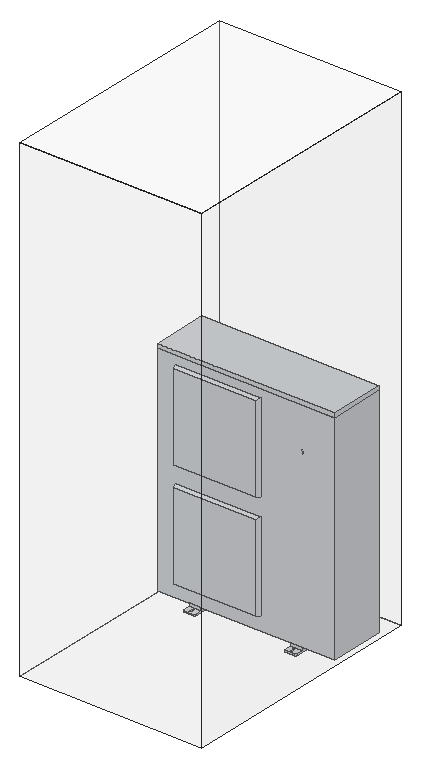
Revit family "pusy-hp80_160mh4_50hz", category 機械設備, Revit 2019 (continued)
Definition of nested family "PUZ-ZRMP-3"
  Dimensions and locks
    aligned and locked: Blend 4 sketch curve to plane 40
    aligned and locked: Blend 4 sketch curve to plane 46
    aligned and locked: Blend 4 sketch curve to plane 44
    aligned and locked: Blend 4 sketch curve to plane 45
    aligned and locked: Blend 4 sketch curve to plane 47
    aligned and locked: Blend 4 to plane 8
    aligned and locked: plane 37 to Blend 4
    aligned and locked: curve 17 to plane 48
    aligned and locked: curve 1 to plane 48
    aligned and locked: plane 48 to curve 19
    aligned and locked: curve 18 to plane 49
    aligned and locked: plane 49 to curve 2
    aligned and locked: plane 49 to curve 20
    aligned and locked: Blend 5 sketch curve to plane 63
    aligned and locked: Blend 5 sketch curve to plane 64
    aligned and locked: Blend 5 sketch curve to plane 41
    aligned and locked: Blend 5 sketch curve to plane 40
    aligned and locked: plane 44 to Blend 5 sketch curve
    aligned and locked: Blend 5 sketch curve to plane 45
    aligned and locked: Blend 5 sketch curve to plane 65
    aligned and locked: plane 66 to Blend 5 sketch curve
    aligned and locked: Blend 5 to plane 8
    aligned and locked: plane 37 to Blend 5
    aligned and locked: plane 22 to Extrusion 6 sketch curve
    aligned and locked: plane 21 to Extrusion 6 sketch curve
    aligned and locked: Extrusion 6 sketch curve to Extrusion 1  (x4)
    aligned and locked: Extrusion 6 sketch curve to plane 20
    aligned and locked: plane 23 to Extrusion 6
    aligned and locked: Extrusion 6 to level
    aligned and locked: plane 24 to Extrusion 7
    aligned and locked: Extrusion 7 to plane 25
    aligned and locked: Masking region 1 sketch curve to Extrusion 3  (x4)
    aligned and locked: Masking region 1 sketch curve to cut or joined group of Extrusion 1, Extrusion 6  (x8)
    aligned and locked: Masking region 1 sketch curve to Blend 5  (x3)
    aligned and locked: plane 50 to Extrusion 7 sketch curve
    aligned and locked: plane 51 to Extrusion 7 sketch curve
    aligned and locked: plane 68 to Extrusion 7 sketch curve
    aligned and locked: plane 69 to Extrusion 7 sketch curve
    aligned and locked: plane 70 to Extrusion 7 sketch curve
    aligned and locked: plane 71 to Extrusion 7 sketch curve
    aligned and locked: plane 67 to Extrusion 7 sketch curve  (x4)
  Automatic sketch dimensions
    plane 7 to Extrusion 1 sketch curve = 0 mm  (x2)
    Extrusion 1 sketch curve to plane 18 = 0 mm
    plane 8 to Extrusion 1 sketch curve = 0 mm  (x2)
    Extrusion 1 sketch curve to plane 19 = 0 mm
    Extrusion 1 sketch curve to plane 20 = 0 mm
    Extrusion 1 sketch curve to plane 21 = 0 mm
    curve 187 to curve 188 = 40 mm
    curve 186 to curve 190 = 13.333 mm
    curve 190 to curve 190 = 40 mm
    curve 186 to curve 193 = 0 mm
    curve 186 to curve 188 = 40 mm
    curve 188 to curve 191 = 0 mm
    curve 179 to curve 180 = 40 mm
    curve 178 to curve 182 = 120 mm
    curve 182 to curve 182 = 40 mm
    curve 178 to curve 185 = 0 mm
    curve 178 to curve 180 = 40 mm
    curve 182 to curve 183 = 40 mm
    curve 25 to plane 44 = 0 mm
    curve 24 to plane 44 = 0 mm
    curve 22 to plane 44 = 0 mm
    curve 23 to plane 44 = 0 mm
    curve 26 to plane 44 = 0 mm
    curve 21 to plane 44 = 0 mm
    curve 24 to plane 45 = 0 mm
    curve 25 to plane 45 = 0 mm
    curve 26 to plane 45 = 0 mm
    curve 23 to plane 45 = 0 mm
    curve 22 to plane 45 = 0 mm
    curve 21 to plane 45 = 0 mm
    curve 37 to plane 47 = 0 mm
    curve 52 to plane 47 = 0 mm
    curve 51 to plane 47 = 0 mm
    curve 50 to plane 47 = 0 mm
    curve 49 to plane 47 = 0 mm
    curve 48 to plane 47 = 0 mm
    curve 47 to plane 47 = 0 mm
    curve 46 to plane 47 = 0 mm
    curve 45 to plane 47 = 0 mm
    curve 44 to plane 47 = 0 mm
    curve 43 to plane 47 = 0 mm
    curve 42 to plane 47 = 0 mm
    curve 41 to plane 47 = 0 mm
    curve 27 to plane 47 = 0 mm
    curve 28 to plane 47 = 0 mm
    curve 40 to plane 47 = 0 mm
    curve 39 to plane 47 = 0 mm
    curve 29 to plane 47 = 0 mm
    curve 38 to plane 47 = 0 mm
    curve 30 to plane 47 = 0 mm
    curve 53 to plane 47 = 0 mm
    curve 31 to plane 47 = 0 mm
    curve 36 to plane 47 = 0 mm
    curve 32 to plane 47 = 0 mm
    curve 35 to plane 47 = 0 mm
    curve 33 to plane 47 = 0 mm
    curve 34 to plane 47 = 0 mm
    curve 28 to plane 46 = 0 mm
    curve 41 to plane 46 = 0 mm
    curve 27 to plane 46 = 0 mm
    curve 42 to plane 46 = 0 mm
    curve 31 to plane 46 = 0 mm
    curve 40 to plane 46 = 0 mm
    curve 37 to plane 46 = 0 mm
    curve 39 to plane 46 = 0 mm
    curve 32 to plane 46 = 0 mm
    curve 45 to plane 46 = 0 mm
    curve 36 to plane 46 = 0 mm
    curve 46 to plane 46 = 0 mm
    curve 43 to plane 46 = 0 mm
    curve 47 to plane 46 = 0 mm
    curve 29 to plane 46 = 0 mm
    curve 48 to plane 46 = 0 mm
    curve 30 to plane 46 = 0 mm
    curve 49 to plane 46 = 0 mm
    curve 44 to plane 46 = 0 mm
    curve 50 to plane 46 = 0 mm
    curve 33 to plane 46 = 0 mm
    curve 51 to plane 46 = 0 mm
    curve 35 to plane 46 = 0 mm
    curve 52 to plane 46 = 0 mm
    curve 38 to plane 46 = 0 mm
    curve 53 to plane 46 = 0 mm
    curve 34 to plane 46 = 0 mm
    plane 13 to curve 304 = 138 mm
    curve 304 to plane 45 = 0 mm
    curve 307 to plane 44 = 0 mm
    curve 306 to plane 44 = 0 mm
    curve 303 to plane 44 = 0 mm
    curve 308 to plane 44 = 0 mm
    curve 303 to plane 45 = 0 mm
    curve 306 to plane 45 = 0 mm
    curve 307 to plane 45 = 0 mm
    curve 308 to plane 45 = 0 mm
    curve 309 to plane 44 = 0 mm
    curve 309 to plane 45 = 0 mm
    curve 305 to plane 66 = 0 mm
    curve 305 to plane 65 = 0 mm
    curve 310 to plane 66 = 0 mm
    curve 310 to plane 65 = 0 mm
    curve 311 to plane 65 = 0 mm
    curve 311 to plane 66 = 0 mm
    curve 312 to plane 66 = 0 mm
    curve 312 to plane 65 = 0 mm
    curve 313 to plane 66 = 0 mm
    curve 313 to plane 65 = 0 mm
    curve 314 to plane 65 = 0 mm
    curve 314 to plane 66 = 0 mm
    curve 315 to plane 66 = 0 mm
    curve 315 to plane 65 = 0 mm
    curve 316 to plane 65 = 0 mm
    curve 316 to plane 66 = 0 mm
    curve 317 to plane 66 = 0 mm
    curve 317 to plane 65 = 0 mm
    curve 318 to plane 66 = 0 mm
    curve 318 to plane 65 = 0 mm
    curve 319 to plane 66 = 0 mm
    curve 319 to plane 65 = 0 mm
    curve 320 to plane 66 = 0 mm
    curve 320 to plane 65 = 0 mm
    curve 321 to plane 66 = 0 mm
    curve 321 to plane 65 = 0 mm
    curve 322 to plane 65 = 0 mm
    curve 322 to plane 66 = 0 mm
    curve 323 to plane 65 = 0 mm
    curve 323 to plane 66 = 0 mm
    curve 324 to plane 65 = 0 mm
    curve 324 to plane 66 = 0 mm
    curve 325 to plane 66 = 0 mm
    curve 325 to plane 65 = 0 mm
    curve 326 to plane 66 = 0 mm
    curve 326 to plane 65 = 0 mm
    curve 327 to plane 66 = 0 mm
    curve 327 to plane 65 = 0 mm
    curve 328 to plane 66 = 0 mm
    curve 328 to plane 65 = 0 mm
    curve 329 to plane 66 = 0 mm
    curve 329 to plane 65 = 0 mm
    curve 330 to plane 66 = 0 mm
    curve 330 to plane 65 = 0 mm
    curve 331 to plane 66 = 0 mm
    curve 331 to plane 65 = 0 mm
    curve 332 to plane 65 = 0 mm
    curve 332 to plane 66 = 0 mm
    curve 333 to plane 66 = 0 mm
    curve 333 to plane 65 = 0 mm
    curve 334 to plane 65 = 0 mm
    curve 334 to plane 66 = 0 mm
    curve 335 to plane 66 = 0 mm
    curve 335 to plane 65 = 0 mm
    Extrusion 6 sketch curve to plane 18 = 0 mm  (x2)
    plane 8 to Extrusion 6 sketch curve = 0 mm
    plane 22 to Extrusion 6 sketch curve = 0 mm  (x3)
    plane 16 to Extrusion 6 sketch curve = 0 mm  (x3)
    plane 17 to Extrusion 6 sketch curve = 0 mm  (x3)
    Extrusion 6 sketch curve to plane 15 = 0 mm  (x2)
    Extrusion 6 sketch curve to plane 19 = 0 mm  (x2)
    Extrusion 6 sketch curve to plane 14 = 0 mm  (x2)
    plane 7 to Extrusion 6 sketch curve = 0 mm
    Extrusion 6 sketch curve to plane 18 = 5 mm
    plane 15 to Extrusion 6 sketch curve = 6 mm  (x2)
    plane 19 to Extrusion 6 sketch curve = 5 mm
    Extrusion 6 sketch curve to plane 20 = 5 mm
    plane 14 to Extrusion 6 sketch curve = 6 mm  (x2)
    plane 21 to Extrusion 6 sketch curve = 5 mm
    plane 37 to Extrusion 6 sketch curve = 10 mm  (x2)
    plane 19 to Masking region 1 sketch curve = 0 mm
    plane 21 to Masking region 1 sketch curve = 0 mm
    plane 7 to Masking region 1 sketch curve = 0 mm  (x2)
    Masking region 1 sketch curve to plane 20 = 0 mm
    Masking region 1 sketch curve to plane 18 = 0 mm
    plane 8 to Masking region 1 sketch curve = 0 mm  (x2)
    plane 37 to Masking region 1 sketch curve = 0 mm
    curve 352 to plane 6 = 0 mm
    plane 7 to curve 352 = 0 mm
    curve 353 to plane 18 = 0 mm
    curve 348 to plane 18 = 0 mm
    plane 8 to curve 346 = 0 mm
    curve 354 to plane 19 = 0 mm
    curve 347 to plane 19 = 0 mm
    curve 345 to plane 40 = 0 mm
    plane 37 to curve 344 = 0 mm
    curve 344 to plane 45 = 0 mm
    curve 357 to plane 20 = 0 mm
    curve 343 to plane 20 = 0 mm
    curve 358 to plane 21 = 0 mm
    curve 341 to plane 21 = 0 mm
    curve 339 to plane 44 = 0 mm
    curve 339 to plane 41 = 0 mm
    curve 337 to plane 5 = 0 mm
    plane 22 to curve 354 = 0 mm
    plane 22 to curve 358 = 0 mm
    plane 18 to curve 352 = 28.157 mm
    plane 15 to curve 346 = 0.043 mm
    plane 21 to curve 338 = 11.963 mm
    curve 336 to plane 21 = 9.073 mm
    curve 344 to plane 21 = 22.105 mm
    plane 27 to curve 3 = 5 mm
    curve 3 to plane 44 = 38 mm
    curve 1 to plane 44 = 38 mm
    curve 3 to curve 5 = 0 mm
    curve 4 to plane 28 = 5 mm
    curve 2 to curve 16 = 15 mm
    plane 50 to curve 15 = 5 mm
    curve 341 to curve 342 = 23 mm
    plane 37 to curve 347 = 23 mm
    plane 37 to Extrusion 6 sketch curve = 18 mm  (x2)
    curve 20 to curve 14 = 17.5 mm
    curve 20 to plane 6 = 46 mm
    curve 12 to curve 6 = 0 mm
    curve 372 to curve 5 = 0 mm
    curve 11 to plane 6 = 78.5 mm
Definition of nested family "固定点"
  Parameters (values of type "固定点")
    中心円 = if(W > 599 mm, 12 mm, 10 mm)  # 12 mm
    W = 1000 mm
    D = 1000 mm
  Reference planes
    plane 1 "中心(正面/背面)": y = 0
    plane 2: z = 0
    plane 3 "中心(左/右)": x = 0
    plane 4: x = 1000
    plane 5: y = 1000
  Lines and regions (mm)
    symbolic lines, detail levels fine
      curve 1: circle (0, 1000, 0) r 6 normal (0, 0, 1)
      curve 2: circle (0, 0, 0) r 6 normal (0, 0, 1)
      curve 3: circle (1000, 1000, 0) r 6 normal (0, 0, 1)
      curve 4: circle (1000, 0, 0) r 6 normal (0, 0, 1)
      curve 5: line (-200, 1000, 0) -> (1200, 1000, 0)
      curve 6: line (-200, 0, 0) -> (1200, 0, 0)
      curve 7: line (0, 1200, 0) -> (0, -200, 0)
      curve 8: line (1000, 1200, 0) -> (1000, -200, 0)
  Dimensions and locks
    "W": plane 3 "中心(左/右)" to plane 4
    "D": plane 1 "中心(正面/背面)" to plane 5
    "中心円": diameter of curve 1
    "中心円": diameter of curve 2
    "中心円": diameter of curve 3
    "中心円": diameter of curve 4
    aligned and locked: level to plane 2
    aligned and locked: plane 5 to curve 1
    aligned and locked: plane 3 "中心(左/右)" to curve 1
    aligned and locked: plane 3 "中心(左/右)" to curve 2
    aligned and locked: plane 1 "中心(正面/背面)" to curve 2
    aligned and locked: plane 4 to curve 3
    aligned and locked: plane 5 to curve 3
    aligned and locked: plane 1 "中心(正面/背面)" to curve 4
    aligned and locked: plane 4 to curve 4
    aligned and locked: plane 1 "中心(正面/背面)" to curve 6
    aligned and locked: curve 7 to plane 3 "中心(左/右)"
    aligned and locked: curve 8 to plane 4
  Automatic sketch dimensions
    curve 5 to plane 5 = 0 mm
    curve 6 to plane 3 "中心(左/右)" = 200 mm
    curve 5 to plane 3 "中心(左/右)" = 200 mm
    curve 4 to curve 6 = 200 mm
    curve 3 to curve 5 = 200 mm
    plane 1 "中心(正面/背面)" to curve 8 = 200 mm
    plane 1 "中心(正面/背面)" to curve 7 = 200 mm
    curve 3 to curve 8 = 200 mm
    curve 1 to curve 7 = 200 mm
Types (4, lengths in mm): name | 音響パワーレベル（冷）(dB) | 音響パワーレベル(dB) | 電動機出力_送風機 | 電動機出力_圧縮機 | 質量 | 製品質量 | 消費電力_暖房 | 消費電力_冷房 | 消費電力 | 構成品番 | 最大電流値 | 暖房能力 | 冷房能力 | 冷媒管位置Z | URL
  室外機_PUSY-HP112MH4(-BS,BSG) | 70 | 70 | 0.12 kW | 2.87 kW | 146.40 kg | 122.00 kg | 3.57 kW | 3.12 kW | 3.57 kW | "PUSY-HP112MH4 (-BS,-BSG)" | 28 A | 12.5 kW | 11.2 kW | 420 | "https://www.mitsubishielectric.co.jp/ldg/wink/ssl/displayProduct.do?pid=321195"
  室外機_PUSY-HP140MH4(-BS,BSG) | 73 | 73 | 0.12 kW | 3.8 kW | 146.40 kg | 122.00 kg | 4.68 kW | 4.37 kW | 4.68 kW | "PUSY-HP140MH4 (-BS,-BSG)" | 28 A | 16 kW | 14 kW | 420 | "https://www.mitsubishielectric.co.jp/ldg/wink/ssl/displayProduct.do?pid=321198"
  室外機_PUSY-HP160MH4(-BS,BSG) | 76 | 76 | 0.3 kW | 3.65 kW | 158.40 kg | 132.00 kg | 4.81 kW | 4.91 kW | 4.91 kW | "PUSY-HP160MH4 (-BS,-BSG)" | 28.5 A | 18 kW | 16 kW | 422 | "https://www.mitsubishielectric.co.jp/ldg/wink/ssl/displayProduct.do?pid=321201"
  室外機_PUSY-HP80MH4(-BS,BSG) | 70 | 70 | 0.12 kW | 1.98 kW | 146.40 kg | 122.00 kg | 2.01 kW | 1.81 kW | 2.01 kW | "PUSY-HP80MH4 (-BS,-BSG)" | 28 A | 9 kW | 8 kW | 420 | "https://www.mitsubishielectric.co.jp/ldg/wink/ssl/displayProduct.do?pid=321193"
